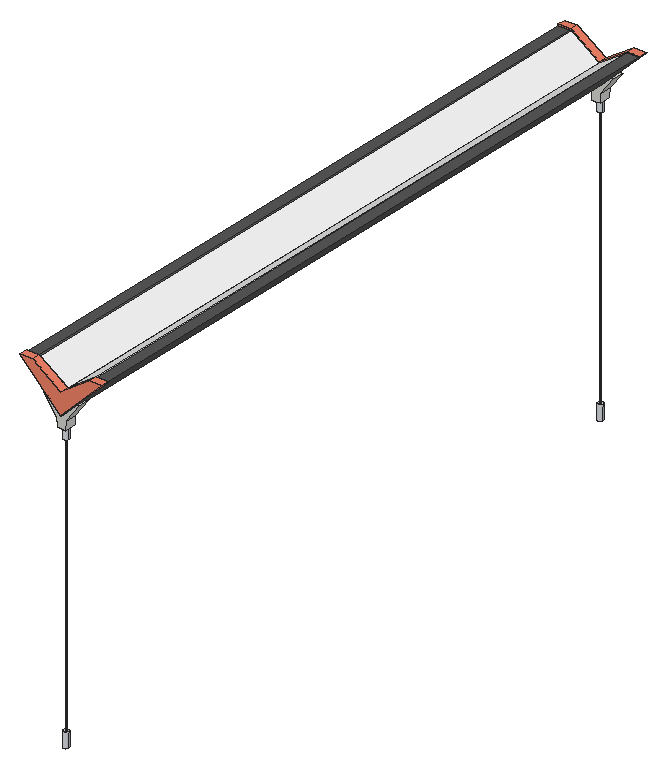
Revit family "AX.5-P-DI", category Lighting Fixtures, host Face, Revit 2018
Family settings
  Host = Face
  Round Connector Dimension = Use Diameter
  Part Type = Normal
  Cut with Voids When Loaded = No
  Light Source = Yes
  Shared = Yes
  Room Calculation Point = Yes
Parameters (values of type "4' Direct/ Indirect")
  Wattage = 35.9059 W
  built-in parameter 1150110 = 1 (stored number, unit not read)
  Voltage = 0 V
  Type Comments = "LUX ILLUMINAIRE"
  built-in parameter 1114217 = 1 (stored number, unit not read)
  Tilt Angle = 90.00°
  built-in parameter 1150109 = 1 (stored number, unit not read)
  built-in parameter 1150134 = 12
  Switch Leg Visibility = no
  Switch Leg [instance] = ""
  Suspension Length [instance] = 2' - 0"
  built-in parameter 1150113 = 1 (stored number, unit not read)
  Photometric Web File = "AX.5_P_DI_30-70_763_40K8.ies"
  Material - End Cap [instance] = LUX ILLUMINAIRE Orange
  Material - Cleat [instance] = LUX ILLUMINAIRE Silver
  Material - Body [instance] = LUX ILLUMINAIRE Black
  Manufacturer = ""
  built-in parameter 1150105 = 242.87 (stored number, unit not read)
  Lumens = 3052 lm
  built-in parameter 1150115 = 1 (stored number, unit not read)
  built-in parameter 1150137 = (empty or 0)
  built-in parameter 1150139 = (empty or 0)
  built-in parameter 1150112 = 1 (stored number, unit not read)
  built-in parameter 1150114 = 1 (stored number, unit not read)
  Lamp = "LED"
  built-in parameter 1150132 = 2
  built-in parameter 1150102 = (empty or 0)
  built-in parameter 1150107 = 4000 (stored number, unit not read)
  built-in parameter 1150138 = (empty or 0)
  Indirect Light Source = Fixture Length - 0' 4"  # 3' - 8"
  built-in parameter 1150106 = 2.4287 (stored number, unit not read)
  Fixture Width = 0' - 5 143/256"  # constant formula
  Fixture Symbol Visiblity = yes
  Fixture Length = 4' - 0"
  Emit from Rectangle Width = 0' - 2 1/2"  # constant formula
  Emit from Rectangle Length = Fixture Length  # 4' - 0"
  Emit Shape Visible in Rendering = no
  Emergency Lighting [instance] = no
  built-in parameter 1150104 = 7.8968 (stored number, unit not read)
  Dimming Lamp Color Temperature Shift = <None>
  Default Elevation = 4' - 0"
  Color Filter = 16777215
  built-in parameter 1140040 [instance] = 1
  built-in parameter 1114218 = 1 (stored number, unit not read)
  built-in parameter 1150133 = 10 (stored number, unit not read)
  Apparent Load = 14 VA
Types (3): name | Wattage | Type Comments | Manufacturer | built-in parameter 1150105 | Lumens | Indirect Light Source | built-in parameter 1150106 | Fixture Length | Emit from Rectangle Length | Apparent Load
  4' Direct/ Indirect | 35.9059 W | "LUX ILLUMINAIRE" | "" | 242.87 (stored number, unit not read) | 3052 lm | 3' - 8" | 2.4287 (stored number, unit not read) | 4' - 0" | 4' - 0" | 14 VA
  6' Direct/ Indirect | 53.8588 W | 0' - 0" | "LUX ILLUMINAIRE" | 364.31 (stored number, unit not read) | 4578 lm | 5' - 8" | 3.6431 (stored number, unit not read) | 6' - 0" | 6' - 0" | 21 VA
  8' Direct/ Indirect | 71.8118 W | 0' - 0" | "LUX ILLUMINAIRE" | 485.74 (stored number, unit not read) | 6104 lm | 7' - 8" | 4.8574 (stored number, unit not read) | 8' - 0" | 8' - 0" | 28 VA
Reference planes (in)
  plane 1 "Center (Front/Back)": y = 0
  plane 2: z = 0
  plane 3 "Center (Left/Right)": x = 0
  plane 4: x = 2.7793
  plane 5: x = -2.7793
  plane 6: y = 24
  plane 7: y = -24
  plane 8: z = 24
  plane 9: y = 24.25
  plane 10: y = -24.25
  plane 11: z = 1
  plane 12: z = 20.30782
  plane 13: z = 19.55782
Forms (in)
  Extrusion 1, solid
    sketch origin (0, 0.375, 0) x (1, 0, 0) y (0, 1, 0)
      loop
        circle (0.00029, -24) r 0.1875
    from 0 to 1
  Extrusion 2, solid
    sketch origin (0, 0.375, 0) x (1, 0, 0) y (0, 1, 0)
      loop
        circle (0.0005, -24) r 0.03125
    from 1 to 19.55782
  Extrusion 3, solid
    sketch origin (0, 0.375, 0) x (1, 0, 0) y (0, 1, 0)
      loop
        circle (0.0005, -24) r 0.18729
    from 19.55782 to 20.30782
  Extrusion 4, solid, not visible
    sketch origin (0, 0, 0) x (1, 0, 0) y (0, 1, 0)
      loop
        circle (0.00029, -24) r 0.1875
    from 0 to 1
  Extrusion 5, solid, not visible
    sketch origin (0, 0, 0) x (1, 0, 0) y (0, 1, 0)
      loop
        circle (0.0005, -24) r 0.03125
    from 1 to 13.33203
  Extrusion 6, solid, not visible
    sketch origin (0, 0, 0) x (1, 0, 0) y (0, 1, 0)
      loop
        circle (0.0005, -24) r 0.18729
    from 13.33203 to 14.08203
  Extrusion 7, solid
    sketch origin (0, -0.375, 0) x (1, 0, 0) y (0, 1, 0)
      loop
        circle (0.00029, 24) r 0.1875
    from 0 to 1
  Extrusion 8, solid
    sketch origin (0, -0.375, 0) x (1, 0, 0) y (0, 1, 0)
      loop
        circle (0.0005, 24) r 0.03125
    from 1 to 19.55782
  Extrusion 9, solid
    sketch origin (0, -0.375, 0) x (1, 0, 0) y (0, 1, 0)
      loop
        circle (0.0005, 24) r 0.18729
    from 19.55782 to 20.30782
Lines and regions (in)
  symbolic lines, visible <- "Fixture Symbol Visiblity"
    curve 1: line (-2.7793, 24, 0) -> (2.7793, 24, 0)
    curve 2: line (-2.7793, -24, 0) -> (-2.7793, 24, 0)
    curve 3: line (2.7793, -24, 0) -> (-2.7793, -24, 0)
    curve 4: line (2.7793, 24, 0) -> (2.7793, -24, 0)
Dimensions and locks (in)
  plane 5 to plane 4 = 0' - 5 143/256"
  equal spacing: plane 7, plane 1 "Center (Front/Back)", plane 6
  "Fixture Length": plane 7 to plane 6
  plane 8 to host face = 2' - 0"
  locked: plane 6 to plane 9 at 0.25
  locked: plane 10 to plane 7 at 0.25
  "Suspension Length": plane 8 to level
  "Fixture Width": plane 4 to plane 5
  equal spacing: plane 4, plane 3 "Center (Left/Right)", plane 5
  locked: nested 2 to plane 10 at 9.5
  locked: plane 8 to imposter light at 0.125
  plane 8 to plane 12 to plane 13 = 0' - 3.69218", 0' - 0 3/4" locked
  plane 6 to plane 1 "Center (Front/Back)" to plane 7 = 2' - 0", 2' - 0"
  plane 6 to plane 7 = 4' - 0"
  nested 1 to curve 1 = 4' - 0"
  locked: plane 12 to nested 4 at 0.75387
  aligned and locked: plane 2 to host face
  aligned and locked: level to host face
  aligned and locked: plane 12 to Extrusion 9
  aligned and locked: Extrusion 9 to plane 13
  aligned and locked: plane 13 to Extrusion 8
  aligned and locked: plane 12 to Extrusion 3
  aligned and locked: Extrusion 3 to plane 13
  aligned and locked: plane 13 to Extrusion 2
  aligned and locked: plane 7 to nested 1
  aligned and locked: plane 6 to curve 1
  aligned and locked: plane 5 to curve 2
  aligned and locked: curve 3 to plane 7
  aligned and locked: curve 4 to plane 4
  aligned and locked: nested 1 to plane 6
  aligned and locked: plane 12 to nested 3
Automatic sketch dimensions
  host sketch curve to host sketch curve = 8' - 0"  (x2)
  Extrusion 1 sketch curve to plane 7 = 0' - 0 3/8"
  plane 3 "Center (Left/Right)" to Extrusion 1 sketch curve = 0' - 0.00029"
  Extrusion 2 sketch curve to plane 7 = 0' - 0 3/8"
  plane 3 "Center (Left/Right)" to Extrusion 2 sketch curve = 0' - 0.0005"
  Extrusion 3 sketch curve to plane 7 = 0' - 0 3/8"
  plane 3 "Center (Left/Right)" to Extrusion 3 sketch curve = 0' - 0.0005"
  plane 6 to Extrusion 7 sketch curve = 0' - 0 3/8"
  plane 3 "Center (Left/Right)" to Extrusion 7 sketch curve = 0' - 0.00029"
  plane 6 to Extrusion 8 sketch curve = 0' - 0 3/8"
  plane 3 "Center (Left/Right)" to Extrusion 8 sketch curve = 0' - 0.0005"
  plane 6 to Extrusion 9 sketch curve = 0' - 0 3/8"
  plane 3 "Center (Left/Right)" to Extrusion 9 sketch curve = 0' - 0.0005"
  radius of Extrusion 1 sketch curve = 0' - 0 3/16"
  radius of Extrusion 2 sketch curve = 0' - 0 1/32"
  radius of Extrusion 3 sketch curve = 0' - 0.18729"
  radius of Extrusion 4 sketch curve = 0' - 0 3/16"
  radius of Extrusion 5 sketch curve = 0' - 0 1/32"
  radius of Extrusion 6 sketch curve = 0' - 0.18729"
  radius of Extrusion 7 sketch curve = 0' - 0 3/16"
  radius of Extrusion 8 sketch curve = 0' - 0 1/32"
  radius of Extrusion 9 sketch curve = 0' - 0.18729"
Nested families (in)
  nested 1: "Emergency Symbol Rectangle" at (-12.44426, 0, 0) x (0, 1, 0) z (0, 0, 1), visible <- "Emergency Lighting", type "Emergency Symbol Rectangle"
    with Width 1' - 2.94711", Length 4' - 0"
  nested 2: "Switch Leg Annotation" at (9.99627, -14.75, 0) x (0, 1, 0) z (0, 0, 1), visible <- "Switch Leg Visibility", Switch Leg Annotation <- "Switch Leg", type "Switch Leg Annotation"
    with Switch Leg Annotation ""
  nested 3: "4INDV" at (0, 0, 20.30782), Material - Body <- "Material - Body", Material - Cleat <- "Material - Cleat", Material - End Cap <- "Material - End Cap", type "4INDV"
    with Material - End Cap LUX ILLUMINAIRE Orange, Material - Cleat LUX ILLUMINAIRE Silver, Material - Body LUX ILLUMINAIRE Black
  nested 4: "Indirect Light Source 2" at (-8.60801, 0, -32.9383) x (0, 1, 0) z (0, 0, 1), type "Indirect Light Source 2"
Connectors (in)
  electrical at (0.00029, 23.625, 0), driven by "Apparent Load", driven by "Voltage"
    settings: on Extrusion 7, index 1, voltage 0 V, apparent load 0 VA, apparent load phase1 14 VA, apparent load phase2 0 VA, apparent load phase3 0 VA, power factor 1, load classification "Other", number of poles 1, system type 31, power factor state 1, is connector primary yes, connector utility no, sub classification motor no, connector description ""
Definition of nested family "4INDV"
  Parameters (values of type "4INDV")
    Material - End Cap [instance] = none
    Material - Cleat [instance] = none
    Material - Body [instance] = none
    Fixture Length = 4' - 0"
  Reference planes (in)
    plane 1 "Center (Front/Back)": y = 0
    plane 2: z = 0
    plane 3 "Center (Left/Right)": x = 0
    plane 4: y = 24
    plane 5: y = -24
    plane 6: y = 24.0625
    plane 7: y = 23.5
    plane 8: y = 23.25
    plane 9: y = -24.0625
    plane 10: y = -23.5
    plane 11: y = -23.25
  Forms (in)
    Extrusion 1, solid, material <- "Material - Body"
      sketch origin (0, 0, 3.69218) x (1, 0, 0) y (0, 0, -1)
        loop
          line (0, 1.37795) -> (2.0429, 0) -> (2.86012, 0) -> (0, 2.86012) -> (-2.86012, 0) -> (-2.0429, 0) -> (0, 1.37795)
      from -24 to 24
    Extrusion 2, solid, material <- "Material - Cleat"
      sketch origin (0, 0, 3.69218) x (1, 0, 0) y (0, 0, -1)
        loop
          line (0, 2.86012) -> (1.04292, 1.8172) -> (1.26715, 1.8172) -> (0.33544, 3.06953) -> (0.3137, 3.69218) -> (0, 3.69218) -> (-0.3137, 3.69218) -> (-0.33544, 3.06953) -> (-1.26715, 1.8172) -> (-1.04292, 1.8172) -> (0, 2.86012)
      from -24 to -23.25
    Extrusion 3, solid, material <- "Material - Cleat"
      sketch origin (0, 0, 3.69218) x (1, 0, 0) y (0, 0, -1)
        loop
          line (0, 2.86012) -> (1.04292, 1.8172) -> (1.26715, 1.8172) -> (0.33544, 3.06953) -> (0.3137, 3.69218) -> (0, 3.69218) -> (-0.3137, 3.69218) -> (-0.33544, 3.06953) -> (-1.26715, 1.8172) -> (-1.04292, 1.8172) -> (0, 2.86012)
      from 23.25 to 24
    Extrusion 4, solid, material <- "Material - End Cap"
      sketch origin (0, 0, 3.69218) x (1, 0, 0) y (0, 0, -1)
        loop
          line (2.90699, -0.0625) -> (0, 2.84449) -> (-2.90699, -0.0625) -> (-2.02282, -0.0625) -> (0, 1.30191) -> (2.02282, -0.0625) -> (2.90699, -0.0625)
      from -24.0625 to -23.5
    Extrusion 5, solid, material <- "Material - End Cap"
      sketch origin (0, 0, 3.69218) x (1, 0, 0) y (0, 0, 1)
        loop
          line (2.90699, 0.0625) -> (2.02282, 0.0625) -> (0, -1.30191) -> (-2.02282, 0.0625) -> (-2.90699, 0.0625) -> (0, -2.84449) -> (2.90699, 0.0625)
      from -24.0625 to -23.5
    Extrusion 6, solid
      sketch origin (0, 0, 0) x (1, 0, 0) y (0, 0, 1)
        loop
          line (-1.94739, 3.64129) -> (0, 2.32777) -> (1.94739, 3.64129) -> (1.94739, 3.67238) -> (0, 2.35885) -> (-1.94739, 3.67238) -> (-1.94739, 3.64129)
      from -23.5 to 23.5
  Dimensions and locks (in)
    equal spacing: plane 4, plane 1 "Center (Front/Back)", plane 5
    "Fixture Length": plane 4 to plane 5
    plane 6 to plane 4 to plane 7 = 0' - 0 1/16" locked, 0' - 0 1/2" locked
    locked: plane 4 to plane 8 at 0.75
    plane 10 to plane 5 to plane 9 = 0' - 0 1/2" locked, 0' - 0 1/16" locked
    locked: plane 11 to plane 5 at 0.75
    aligned and locked: level to plane 2
    aligned and locked: Extrusion 1 to plane 5
    aligned and locked: plane 4 to Extrusion 1
    aligned and locked: plane 6 to Extrusion 5
    aligned and locked: plane 7 to Extrusion 5
    aligned and locked: plane 4 to Extrusion 3
    aligned and locked: plane 8 to Extrusion 3
    aligned and locked: plane 9 to Extrusion 4
    aligned and locked: plane 10 to Extrusion 4
    aligned and locked: plane 11 to Extrusion 2
    aligned and locked: Extrusion 2 to plane 5
    aligned and locked: plane 7 to Extrusion 6
    aligned and locked: Extrusion 6 to plane 10
  Automatic sketch dimensions
    Extrusion 1 sketch curve to plane 3 "Center (Left/Right)" = 0' - 0"  (x2)
    Extrusion 1 sketch curve to plane 3 "Center (Left/Right)" = 0' - 2.0429"
    Extrusion 1 sketch curve to Extrusion 1 sketch curve = 0' - 0.81722"  (x2)
    plane 3 "Center (Left/Right)" to Extrusion 1 sketch curve = 0' - 2.0429"
    level to Extrusion 1 sketch curve = 0' - 3.69218"  (x2)
    Extrusion 1 sketch curve to Extrusion 1 sketch curve = 0' - 1.48217"
    Extrusion 2 sketch curve to level = 0' - 0"
    Extrusion 2 sketch curve to plane 3 "Center (Left/Right)" = 0' - 0"  (x2)
    Extrusion 2 sketch curve to plane 3 "Center (Left/Right)" = 0' - 0.3137"
    Extrusion 2 sketch curve to plane 3 "Center (Left/Right)" = 0' - 0.33544"
    Extrusion 2 sketch curve to plane 3 "Center (Left/Right)" = 0' - 1.04292"
    Extrusion 2 sketch curve to Extrusion 2 sketch curve = 0' - 0.22424"  (x2)
    Extrusion 2 sketch curve to Extrusion 2 sketch curve = 0' - 0.3137"
    plane 3 "Center (Left/Right)" to Extrusion 2 sketch curve = 0' - 0.33544"
    plane 3 "Center (Left/Right)" to Extrusion 2 sketch curve = 0' - 1.04292"
    level to Extrusion 2 sketch curve = 0' - 0.62265"  (x2)
    Extrusion 2 sketch curve to Extrusion 2 sketch curve = 0' - 0.20941"
    Extrusion 2 sketch curve to Extrusion 2 sketch curve = 0' - 1.25232"
    Extrusion 3 sketch curve to level = 0' - 0"
    Extrusion 3 sketch curve to plane 3 "Center (Left/Right)" = 0' - 0"  (x2)
    Extrusion 3 sketch curve to plane 3 "Center (Left/Right)" = 0' - 0.3137"
    Extrusion 3 sketch curve to plane 3 "Center (Left/Right)" = 0' - 0.33544"
    Extrusion 3 sketch curve to plane 3 "Center (Left/Right)" = 0' - 1.04292"
    Extrusion 3 sketch curve to Extrusion 3 sketch curve = 0' - 0.22424"  (x2)
    Extrusion 3 sketch curve to Extrusion 3 sketch curve = 0' - 0.3137"
    plane 3 "Center (Left/Right)" to Extrusion 3 sketch curve = 0' - 0.33544"
    plane 3 "Center (Left/Right)" to Extrusion 3 sketch curve = 0' - 1.04292"
    level to Extrusion 3 sketch curve = 0' - 0.62265"  (x2)
    Extrusion 3 sketch curve to Extrusion 3 sketch curve = 0' - 0.20941"
    Extrusion 3 sketch curve to Extrusion 3 sketch curve = 0' - 1.25232"
    Extrusion 4 sketch curve to plane 3 "Center (Left/Right)" = 0' - 0"  (x2)
    Extrusion 4 sketch curve to plane 3 "Center (Left/Right)" = 0' - 2.02282"
    Extrusion 4 sketch curve to Extrusion 4 sketch curve = 0' - 0.88417"  (x2)
    plane 3 "Center (Left/Right)" to Extrusion 4 sketch curve = 0' - 2.02282"
    level to Extrusion 4 sketch curve = 0' - 3.75468"  (x2)
    Extrusion 4 sketch curve to Extrusion 4 sketch curve = 0' - 1.54258"
    Extrusion 5 sketch curve to plane 3 "Center (Left/Right)" = 0' - 0"  (x2)
    Extrusion 5 sketch curve to plane 3 "Center (Left/Right)" = 0' - 2.02282"
    Extrusion 5 sketch curve to Extrusion 5 sketch curve = 0' - 0.88417"  (x2)
    plane 3 "Center (Left/Right)" to Extrusion 5 sketch curve = 0' - 2.02282"
    level to Extrusion 5 sketch curve = 0' - 0.84768"
    Extrusion 5 sketch curve to Extrusion 5 sketch curve = 0' - 1.54258"
    Extrusion 5 sketch curve to Extrusion 5 sketch curve = 0' - 1.36441"
    Extrusion 6 sketch curve to plane 3 "Center (Left/Right)" = 0' - 0"
    Extrusion 6 sketch curve to plane 3 "Center (Left/Right)" = 0' - 1.94739"
    plane 3 "Center (Left/Right)" to Extrusion 6 sketch curve = 0' - 1.94739"
    level to Extrusion 6 sketch curve = 0' - 2.32777"
    Extrusion 6 sketch curve to Extrusion 6 sketch curve = 0' - 1.31353"  (x2)
    Extrusion 6 sketch curve to Extrusion 6 sketch curve = 0' - 0.03109"  (x3)
    plane 3 "Center (Left/Right)" to Extrusion 6 sketch curve = 0' - 0"
Definition of nested family "Emergency Symbol Rectangle"
  Parameters (values of type "Emergency Symbol Rectangle")
    Width [instance] = 0' - 8 1/2"
    Length [instance] = 5' - 0"
    Emergency Visibility = no
  Reference planes (in)
    plane 1 "Center (Front/Back)": y = -7.75
    plane 2: z = 0
    plane 3 "Center (Left/Right)": x = -24
    plane 4: x = 24
    plane 5: x = -36
    plane 6: y = -3.5
    plane 7: y = -12
  Lines and regions (in)
    Filled region 1, type "Solid Fill - Black", in view "Ref. Level", detail levels coarse+medium
      outline origin (0, 0.25, 0) x (1, 0, 0) y (0, 1, 0)
        loop
          line (-36, -12.25) -> (24, -12.25) -> (-36, -10.125) -> (-36, -12.25)
  Dimensions and locks (in)
    equal spacing: plane 7, plane 1 "Center (Front/Back)", plane 6
    "Width": plane 7 to plane 6
    "Length": plane 5 to plane 4
    aligned and locked: plane 5 to Filled region 1
  Automatic sketch dimensions
    plane 1 "Center (Front/Back)" to Filled region 1 sketch curve = 0' - 2 1/8"
    Filled region 1 sketch curve to plane 3 "Center (Left/Right)" = 1' - 0"
    Filled region 1 sketch curve to plane 4 = 0' - 0"
    Filled region 1 sketch curve to plane 7 = 0' - 0"
Definition of nested family "Switch Leg Annotation"
  Parameters (values of type "Switch Leg Annotation")
    Switch Leg Annotation [instance] = ""
  Reference planes (in)
    plane 1: y = 0
    plane 2: x = 0
  Text (in)
    label "a" at (0.00527, 0.01239, 0), shows "Switch Leg Annotation"
Definition of nested family "Indirect Light Source 2"
  Parameters (values of type "Indirect Light Source 2")
    Wattage = 20 W
    built-in parameter 1150110 = 1 (stored number, unit not read)
    built-in parameter 1114217 = 1 (stored number, unit not read)
    built-in parameter 1150109 = 1 (stored number, unit not read)
    built-in parameter 1150134 = (empty or 0)
    built-in parameter 1150113 = 1 (stored number, unit not read)
    Lumens = 1700 lm
    built-in parameter 1150115 = 1 (stored number, unit not read)
    built-in parameter 1150105 = 541.13 (stored number, unit not read)
    Light Source Symbol Size = 2' - 0"
    built-in parameter 1150137 = (empty or 0)
    built-in parameter 1150139 = (empty or 0)
    built-in parameter 1150112 = 1 (stored number, unit not read)
    built-in parameter 1150114 = 1 (stored number, unit not read)
    built-in parameter 1150132 = (empty or 0)
    built-in parameter 1150102 = (empty or 0)
    built-in parameter 1150138 = (empty or 0)
    built-in parameter 1150107 = 3500 (stored number, unit not read)
    built-in parameter 1150106 = 5.4113 (stored number, unit not read)
    Emit from Rectangle Width = 0' - 2 115/128"
    Emit from Rectangle Length = 4' - 0"
    Emit Shape Visible in Rendering = yes
    built-in parameter 1150104 = 7.8968 (stored number, unit not read)
    Dimming Lamp Color Temperature Shift = (empty or 0)
    Color Filter = 16777215
    built-in parameter 1114218 = 1 (stored number, unit not read)
    built-in parameter 1150133 = 10 (stored number, unit not read)
  Reference planes (in)
    plane 1 "Light Source Axis (F/B)": y = -8.60801
    plane 2: z = 0
    plane 3 "Light Source Axis (L/R)": x = 0
    plane 4 "Light Source Elevation": z = 54
    plane 5: z = 0
  Lines and regions (in)
    model lines
      curve 1: line (-22, -8.60801, 54) -> (21, -8.60801, 54)
  Dimensions and locks (in)
    aligned and locked: plane 3 "Light Source Axis (L/R)" to imposter light
    aligned and locked: level to plane 5
